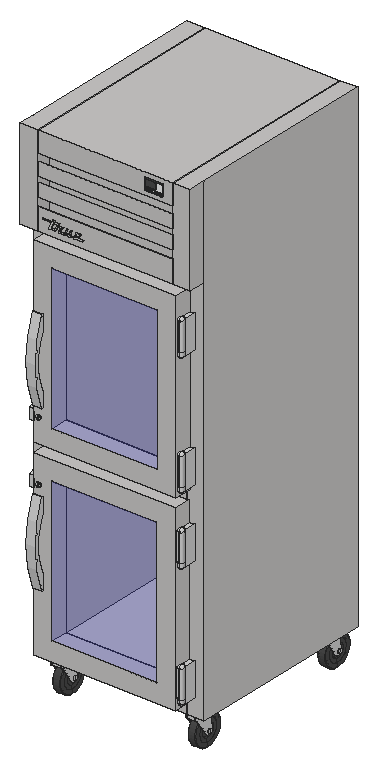
Revit family "QF_TRUE_STG1R-2HG-HC", category Specialty Equipment, Revit 2012
Parameters
  Weight in Pounds = 0
  Watts = Volts * FL Amps  # 437 W
  Volts = 115 V
  URL Cutsheet = "www.truemfg.com"
  URL = "www.truemfg.com"
  Type Mark [instance] = ""
  Type Comments = ""
  Status [instance] = ""
  Specification by User [instance] = ""
  Specification by Manufacturer = ""
  Show Seismic Flanged [instance] = no
  Show Logo [instance] = yes
  Show Legs [instance] = no
  Show Clearance [instance] = yes
  Serial Number = ""
  Seismic Rating = ""
  Seismic Plate [instance] = and(Show Seismic Flanged, not(Show Casters))  # no
  SMACNA No = ""
  Revision Code [instance] = ""
  Phase = 1
  Omniclass Number and Title = ""
  Number of Poles [instance] = 1
  NAFEM Spec ID Number = ""
  Model = "STG1R-2HG-HC"
  Min Ckt Ampacity = 0 A
  Max Overcurrent Protection = 0 A
  Masterspec = ""
  Manufacturer = "TRUE FOOD SERVICE EQUIPMENT, INC."
  Length = 27 1/2"
  Legs [instance] = or(Show Legs, Show Seismic Flanged)  # no
  Item Number [instance] = ""
  Installed By [instance] = ""
  Identify Quantity as Lot [instance] = yes
  Height = 77 3/4"
  HP = "1/4"
  Furnished By [instance] = ""
  Foodservice Equipment Identifier [instance] = yes
  FL Amps = 3.8 A
  Electrical Remarks [instance] = ""
  Electric Connection Type [instance] = ""
  Elec Conn RI Height [instance] = 0"
  Elec Conn Connection Height [instance] = 0"
  Description = "REACH-IN GLASS HALF SWING DOOR REFRIGERATOR WITH HYDROCARBON REFRIGERANT WITH LED LIGHTING"
  Depth = 33 3/4"
  Cycle = 60 Hz
  Conn Plug = "5-15P"
  Conn Conduit = yes
  Show Casters [instance] = and(not(if(Show Legs, Show Legs, Show Legs)), not(if(Show Legs, Show Legs, Show Seismic Flanged)))  # yes
  CSI MasterFormat = ""
  CSI Master Format = ""
  Apparent Power = if(Phase = 3, Volts * FL Amps * 1.73, Volts * FL Amps)  # 437 VA
Reference planes (in)
  plane 1 "BACK": y = 0
  plane 2: z = 0
  plane 3 "LEFT": x = 0
  plane 4 "RIGHT": x = 27.5
  plane 5 "FRONT": y = -33.75
  plane 6 "TOP": z = 84.125
  plane 7: z = 6.125
  plane 8: x = 2.84375
  plane 9: y = -33.7042
  plane 10: y = -35.21875
  plane 11: y = -56.78125
Forms (in)
  Extrusion 1, solid, material "QF_Finishes_Stainless Steel"
    sketch origin (0.05, 0, 0) x (1, 0, 0) y (0, 1, 0)
      loop
        line (-0.05, 0) -> (-0.05, -31) -> (2.87859, -31) -> (2.87859, 0) -> (-0.05, 0)
    from 6.125 to 84.125
  Extrusion 2, solid, material "QF_Finishes_Stainless Steel"
    sketch origin (50.15, 0, 0) x (1, 0, 0) y (0, 1, 0)
      loop
        line (-25.44375, 0) -> (-25.44375, -31) -> (-22.65, -31) -> (-22.65, 0) -> (-25.44375, 0)
    from 6.125 to 84.125
  Extrusion 3, solid, material "QF_Finishes_Stainless Steel"
    sketch origin (0, 0, 0) x (0, 1, 0) y (0, 0, 1)
      loop
        line (-33.7042, 69.5) -> (-31, 69.5) -> (-31, 67) -> (-30, 67) -> (-30, 69.5) -> (-2, 69.5) -> (-2, 9.03125) -> (-31, 9.03125) -> (-31, 6.125) -> (0, 6.125) -> (0, 84.125) -> (-33.7042, 84.125) -> (-33.7042, 80.78078) -> (-31.5, 79.21352) -> (-31.5, 78.09125) -> (-33.7042, 79.65851) -> (-33.7042, 77.5248) -> (-31.5, 75.95754) -> (-31.5, 74.99678) -> (-33.7042, 76.56404) -> (-33.7042, 74.46784) -> (-31.5, 72.90057) -> (-31.5, 71.625) -> (-33.7042, 73.19226) -> (-33.7042, 69.5)
      loop
        line (-31, 39.0625) -> (-31, 36.5625) -> (-30, 36.5625) -> (-30, 39.0625) -> (-31, 39.0625)
    from 2.92859 to 24.70625
  Extrusion 4, solid, material "QF_Finishes_Stainless Steel"
    sketch origin (0, 0, 0) x (1, 0, 0) y (0, 1, 0)
      loop
        line (27.45312, -31) -> (24.70625, -31) -> (24.70625, -33.75) -> (27.45312, -33.75) -> (27.45312, -31)
    from 69.5 to 84.125
  Extrusion 5, solid, material "QF_Finishes_Stainless Steel"
    sketch origin (-50.125, 0, 0.25) x (1, 0, 0) y (0, 1, 0)
      loop
        line (53.05359, -31) -> (50.17188, -31) -> (50.17188, -33.75) -> (53.05359, -33.75) -> (53.05359, -31)
    from 69.25 to 83.875
  Extrusion 6, solid, material "QF_Finishes_Stainless Steel"
    sketch origin (-24.96875, 0, -0.71875) x (1, 0, 0) y (0, 0, 1)
      loop
        line (27.15625, 8.75) -> (50.09375, 8.75) -> (50.09375, 37.96875) -> (27.15625, 37.96875) -> (27.15625, 8.75)
      loop
        line (27.15625, 68.6875) -> (27.15625, 39.46875) -> (50.1875, 39.46875) -> (50.1875, 68.6875) -> (27.15625, 68.6875)
      loop
        line (30.15625, 65.6875) -> (30.15625, 42.46875) -> (47.1875, 42.46875) -> (47.1875, 65.6875) -> (30.15625, 65.6875)
      loop
        line (47.09375, 11.75) -> (47.09375, 34.96875) -> (30.15625, 34.96875) -> (30.15625, 11.75) -> (47.09375, 11.75)
    from 31 to 33.75
  Extrusion 7, solid, material "QF_Finishes_Handrails and Railings"
    sketch origin (-8.68981, -0.25, 98.07708) x (0, 1, 0) y (0, 0, 1)
      loop
        line (-33.5, -53.875) -> (-33.5, -51.475)
        arc (-33.5, -51.475) -> (-34.53182, -47.075) -> (-33.5, -42.675) r 9.8974
        line (-33.5, -42.675) -> (-33.5, -40.275) -> (-33.7, -40.275)
        arc (-33.7, -40.275) -> (-34.96887, -47.075) -> (-33.7, -53.875) r 18.85538
        line (-33.7, -53.875) -> (-33.5, -53.875)
    from 10.87731 to 12.37731
  Extrusion 8, solid, material "QF_Finishes_Handrails and Railings"
    sketch origin (-23.375, 0, 2.625) x (1, 0, 0) y (0, 0, 1)
      loop
        circle (26.4375, 40.0625) r 0.35
      loop
        line (26.47265, 40.33635) -> (26.41715, 40.33635) -> (26.41715, 39.76895) -> (26.47265, 39.76895) -> (26.47265, 40.33635)
    from 33.5 to 33.83066
  Extrusion 9, solid, material "QF_Finishes_Handrails and Railings", visible <- "Show Logo"
    sketch origin (0.33478, 1.08173, -6.73143) x (1, 0, 0) y (0, 0, 1)
      loop
        line (3.46044, 78.46231) -> (3.35478, 78.23573) -> (4.76027, 78.23573)
        arc (4.76027, 78.23573) -> (4.78879, 78.18528) -> (4.76027, 78.13484) r 0.05887
        line (4.76027, 78.13484) -> (4.39369, 77.34872)
        arc (4.39369, 77.34872) -> (4.39051, 77.27591) -> (4.43975, 77.22217) r 0.09523
        line (4.43975, 77.22217) -> (5.33844, 77.22217)
        arc (5.33844, 77.22217) -> (5.45192, 77.25795) -> (5.52436, 77.35235) r 0.19785
        line (5.52436, 77.35235) -> (5.81285, 77.97101) -> (6.0779, 77.97101)
        arc (6.0779, 77.97101) -> (6.14744, 77.94543) -> (6.13737, 77.87203) r 0.05911
        line (6.13737, 77.87203) -> (5.89598, 77.35437)
        arc (5.89598, 77.35437) -> (5.89974, 77.2684) -> (5.97231, 77.22217) r 0.09318
        line (5.97231, 77.22217) -> (6.76198, 77.22217)
        arc (6.76198, 77.22217) -> (6.82249, 77.24419) -> (6.85468, 77.29995) r 0.09412
        arc (6.85468, 77.29995) -> (6.87746, 77.24495) -> (6.93246, 77.22217) r 0.07778
        line (6.93246, 77.22217) -> (7.43246, 77.22217)
        arc (7.43246, 77.22217) -> (7.49022, 77.23765) -> (7.53251, 77.27993) r 0.11552
        arc (7.53251, 77.27993) -> (7.55275, 77.23106) -> (7.60162, 77.21081) r 0.06912
        line (7.60162, 77.21081) -> (8.31225, 77.21081)
        arc (8.31225, 77.21081) -> (8.37034, 77.23488) -> (8.39441, 77.29297) r 0.08216
        arc (8.39441, 77.29297) -> (8.44767, 77.23972) -> (8.52042, 77.22022) r 0.14551
        line (8.52042, 77.22022) -> (9.85158, 77.22022) -> (9.99946, 77.47634) -> (8.65678, 77.47634)
        arc (8.65678, 77.47634) -> (8.61972, 77.50204) -> (8.61834, 77.54711) r 0.05009
        line (8.61834, 77.54711) -> (8.64157, 77.59692)
        arc (8.64157, 77.59692) -> (8.67723, 77.64364) -> (8.73327, 77.66135) r 0.09747
        line (8.73327, 77.66135) -> (9.16485, 77.66135)
        arc (9.16485, 77.66135) -> (9.258, 77.68631) -> (9.32619, 77.7545) r 0.1863
        line (9.32619, 77.7545) -> (9.45119, 77.97101)
        arc (9.45119, 77.97101) -> (9.45119, 78.08657) -> (9.35111, 78.14434) r 0.11556
        line (9.35111, 78.14434) -> (8.89562, 78.14434)
        arc (8.89562, 78.14434) -> (8.7795, 78.12462) -> (8.69849, 78.03912) r 0.18605
        line (8.69849, 78.03912) -> (8.48204, 77.57493)
        arc (8.48204, 77.57493) -> (8.41815, 77.49167) -> (8.31806, 77.46011) r 0.1745
        line (8.31806, 77.46011) -> (7.84559, 77.46011)
        arc (7.84559, 77.46011) -> (7.78903, 77.52184) -> (7.79268, 77.60548) r 0.10939
        line (7.79268, 77.60548) -> (8.04395, 78.14434) -> (7.88403, 78.14434) -> (7.61781, 77.57344)
        arc (7.61781, 77.57344) -> (7.56609, 77.50603) -> (7.48505, 77.48048) r 0.14128
        line (7.48505, 77.48048) -> (7.15925, 77.48048)
        arc (7.15925, 77.48048) -> (7.10419, 77.55223) -> (7.116, 77.64189) r 0.11816
        line (7.116, 77.64189) -> (7.3503, 78.14434) -> (7.18514, 78.14434) -> (6.91546, 77.566)
        arc (6.91546, 77.566) -> (6.85285, 77.50339) -> (6.76733, 77.48048) r 0.17104
        line (6.76733, 77.48048) -> (6.29555, 77.48048)
        arc (6.29555, 77.48048) -> (6.21082, 77.51999) -> (6.20267, 77.61313) r 0.0935
        line (6.20267, 77.61313) -> (6.35774, 77.94569) -> (6.57695, 77.94569)
        arc (6.57695, 77.94569) -> (6.61395, 78.05717) -> (6.69267, 78.14434) r 0.2857
        line (6.69267, 78.14434) -> (5.83605, 78.14434)
        arc (5.83605, 78.14434) -> (5.74086, 78.12324) -> (5.67498, 78.05135) r 0.16212
        line (5.67498, 78.05135) -> (5.44279, 77.55341)
        arc (5.44279, 77.55341) -> (5.3894, 77.50002) -> (5.31647, 77.48048) r 0.14586
        line (5.31647, 77.48048) -> (4.80506, 77.48048)
        arc (4.80506, 77.48048) -> (4.76514, 77.53442) -> (4.77274, 77.60109) r 0.09155
        line (4.77274, 77.60109) -> (5.11018, 78.23573) -> (5.96155, 78.23573) -> (6.06721, 78.46231) -> (5.21584, 78.46231) -> (5.32149, 78.68888) -> (5.01862, 78.68888) -> (4.91297, 78.46231) -> (3.46044, 78.46231)
      loop
        arc (8.83805, 77.93863) -> (8.80119, 77.92875) -> (8.7742, 77.90176) r 0.07373
        line (8.7742, 77.90176) -> (8.75229, 77.83436)
        arc (8.75229, 77.83436) -> (8.76245, 77.80983) -> (8.78699, 77.79966) r 0.0347
        line (8.78699, 77.79966) -> (9.15948, 77.79966)
        arc (9.15948, 77.79966) -> (9.18632, 77.80561) -> (9.20812, 77.82234) r 0.0635
        line (9.20812, 77.82234) -> (9.22624, 77.90622)
        arc (9.22624, 77.90622) -> (9.22091, 77.92868) -> (9.20009, 77.93863) r 0.02676
        line (9.20009, 77.93863) -> (8.83805, 77.93863)
    from 34.76797 to 34.83173
  Extrusion 10, solid, material "QF_Finishes_White"
    sketch origin (-23.16691, 1.06376, 1.58022) x (1, 0, 0) y (0, 0, 1)
      loop
        line (43.31732, 81.73227) -> (43.31732, 79.98496) -> (46.22357, 79.98496) -> (46.22357, 81.73227) -> (43.31732, 81.73227)
    from 34.75 to 34.76797
  Extrusion 11, solid, material "QF_Finishes_Black"
    sketch origin (-23.16691, 1.06376, 1.58022) x (1, 0, 0) y (0, 0, 1)
      loop
        line (46.28607, 81.79477) -> (43.25482, 81.79477) -> (43.25482, 79.92246) -> (46.28607, 79.92246) -> (46.28607, 81.79477)
      loop
        spline (43.45482, 80.25372) -> (43.46333, 80.23754) -> (43.48831, 80.22247) -> (43.52804, 80.20952) -> (43.57982, 80.19959) -> (43.64011, 80.19335) -> (43.70482, 80.19122) -> (43.76952, 80.19335) -> (43.82982, 80.19959) -> (43.88159, 80.20952) -> (43.92132, 80.22247) -> (43.9463, 80.23754) -> (43.95482, 80.25372)
        spline (43.95482, 80.25372) -> (43.9463, 80.26989) -> (43.92132, 80.28497) -> (43.88159, 80.29791) -> (43.82982, 80.30784) -> (43.76952, 80.31409) -> (43.70482, 80.31622) -> (43.64011, 80.31409) -> (43.57982, 80.30784) -> (43.52804, 80.29791) -> (43.48831, 80.28497) -> (43.46333, 80.26989) -> (43.45482, 80.25372)
      loop
        spline (44.15083, 80.25372) -> (44.15935, 80.23754) -> (44.18432, 80.22247) -> (44.22405, 80.20952) -> (44.27583, 80.19959) -> (44.33612, 80.19335) -> (44.40083, 80.19122) -> (44.46553, 80.19335) -> (44.52583, 80.19959) -> (44.57761, 80.20952) -> (44.61734, 80.22247) -> (44.64231, 80.23754) -> (44.65083, 80.25372)
        spline (44.65083, 80.25372) -> (44.64231, 80.26989) -> (44.61734, 80.28497) -> (44.57761, 80.29791) -> (44.52583, 80.30784) -> (44.46553, 80.31409) -> (44.40083, 80.31622) -> (44.33612, 80.31409) -> (44.27583, 80.30784) -> (44.22405, 80.29791) -> (44.18432, 80.28497) -> (44.15935, 80.26989) -> (44.15083, 80.25372)
      loop
        spline (44.90083, 80.25372) -> (44.90935, 80.23754) -> (44.93432, 80.22247) -> (44.97405, 80.20952) -> (45.02583, 80.19959) -> (45.08612, 80.19335) -> (45.15083, 80.19122) -> (45.21553, 80.19335) -> (45.27583, 80.19959) -> (45.32761, 80.20952) -> (45.36734, 80.22247) -> (45.39231, 80.23754) -> (45.40083, 80.25372)
        spline (45.40083, 80.25372) -> (45.39231, 80.26989) -> (45.36734, 80.28497) -> (45.32761, 80.29791) -> (45.27583, 80.30784) -> (45.21553, 80.31409) -> (45.15083, 80.31622) -> (45.08612, 80.31409) -> (45.02583, 80.30784) -> (44.97405, 80.29791) -> (44.93432, 80.28497) -> (44.90935, 80.26989) -> (44.90083, 80.25372)
      loop
        line (43.45481, 81.59478) -> (43.45481, 80.59478) -> (45.15433, 80.59478) -> (45.15433, 81.59478) -> (43.45481, 81.59478)
      loop
        line (46.22357, 81.73227) -> (43.31732, 81.73227) -> (43.31732, 79.98496) -> (46.22357, 79.98496) -> (46.22357, 81.73227)
      loop
        spline (45.65083, 80.25372) -> (45.65935, 80.23754) -> (45.68432, 80.22247) -> (45.72405, 80.20952) -> (45.77583, 80.19959) -> (45.83612, 80.19335) -> (45.90083, 80.19122) -> (45.96553, 80.19335) -> (46.02583, 80.19959) -> (46.07761, 80.20952) -> (46.11734, 80.22247) -> (46.14231, 80.23754) -> (46.15083, 80.25372)
        spline (46.15083, 80.25372) -> (46.14231, 80.26989) -> (46.11734, 80.28497) -> (46.07761, 80.29791) -> (46.02583, 80.30784) -> (45.96553, 80.31409) -> (45.90083, 80.31622) -> (45.83612, 80.31409) -> (45.77583, 80.30784) -> (45.72405, 80.29791) -> (45.68432, 80.28497) -> (45.65935, 80.26989) -> (45.65083, 80.25372)
    from 34.76797 to 34.80335
  Extrusion 12, solid
    sketch origin (-25.125, 0, 0) x (1, 0, 0) y (0, 0, 1)
      loop
        circle (49.375, 82) r 0.25
    from 0 to 0.0625
  Blend 13, solid, material "QF_Finishes_Handrails and Railings"
    base sketch origin (27.4375, 0, 4.5) x (-1, 0, 0) y (0, 0, -1)
      loop
        line (25.25, -38.99169) -> (26, -38.99169) -> (26, -37.24169) -> (25.25, -37.24169) -> (25.25, -38.99169)
    top sketch origin (27.4375, 0, 4.5) x (-1, 0, 0) y (0, 0, -1)
      loop
        line (26.18223, -36.6441) -> (25.25, -36.6441) -> (25.25, -39.42643) -> (26.18223, -39.42643) -> (26.18223, -36.6441)
    from 33.57883 to 31
  Extrusion 14, solid, material "QF_Finishes_Handrails and Railings"
    sketch origin (26.1875, 0, 0) x (0, 1, 0) y (0, 0, -1)
      loop
        line (-31, -64.55229) -> (-31, -59.23627) -> (-33.25, -59.23627) -> (-33.25, -59.94848) -> (-32.81497, -59.94848) -> (-32.81497, -64.34776)
        arc (-32.81497, -64.34776) -> (-32.75506, -64.49238) -> (-32.61044, -64.55229) r 0.20453
        line (-32.61044, -64.55229) -> (-31, -64.55229)
    from 0.17506 to 1
  Revolve 15, solid, material "QF_Finishes_Handrails and Railings"
    sketch origin (25.6875, 0, 0) x (0, 1, 0) y (0, 0, -1)
      loop
        line (-33.26563, -60.00189) -> (-33.67229, -60.00189) -> (-33.67229, -64.4736)
        arc (-33.67229, -64.4736) -> (-33.53722, -64.72557) -> (-33.26563, -64.81483) r 0.3848
        line (-33.26563, -64.81483) -> (-33.26563, -60.00189)
      loop
        line (-33.26563, -59.94848) -> (-33.26563, -59.04781)
        arc (-33.26563, -59.04781) -> (-33.53264, -59.13383) -> (-33.67229, -59.37712) r 0.38884
        line (-33.67229, -59.37712) -> (-33.67229, -59.94848) -> (-33.26563, -59.94848)
      axis (-33.26563, -59.04781) -> (-33.26563, -64.81483)
    angle from 0 to 360
  Extrusion 16, solid, material "QF_Finishes_Handrails and Railings"
    sketch origin (27.5, 0, 0) x (-1, 0, 0) y (0, 0, -1)
      loop
        line (1.91491, -64.4736) -> (2.3125, -64.4736) -> (2.3125, -60.00079) -> (1.91491, -60.00079) -> (1.91491, -64.4736)
    from 32.81497 to 33.59495
  Extrusion 17, solid, material "QF_Finishes_Handrails and Railings"
    sketch origin (26.1875, 0, -19.5) x (0, 1, 0) y (0, 0, -1)
      loop
        line (-31, -64.55229) -> (-31, -59.23627) -> (-33.25, -59.23627) -> (-33.25, -59.94848) -> (-32.81497, -59.94848) -> (-32.81497, -64.34776)
        arc (-32.81497, -64.34776) -> (-32.75506, -64.49238) -> (-32.61044, -64.55229) r 0.20453
        line (-32.61044, -64.55229) -> (-31, -64.55229)
    from 0.17506 to 1
  Revolve 18, solid, material "QF_Finishes_Handrails and Railings"
    sketch origin (25.6875, 0, -19.5) x (0, 1, 0) y (0, 0, -1)
      loop
        line (-33.26563, -60.00189) -> (-33.67229, -60.00189) -> (-33.67229, -64.4736)
        arc (-33.67229, -64.4736) -> (-33.53722, -64.72557) -> (-33.26563, -64.81483) r 0.3848
        line (-33.26563, -64.81483) -> (-33.26563, -60.00189)
      loop
        line (-33.26563, -59.94848) -> (-33.26563, -59.04781)
        arc (-33.26563, -59.04781) -> (-33.53264, -59.13383) -> (-33.67229, -59.37712) r 0.38884
        line (-33.67229, -59.37712) -> (-33.67229, -59.94848) -> (-33.26563, -59.94848)
      axis (-33.26563, -59.04781) -> (-33.26563, -64.81483)
    angle from 0 to 360
  Extrusion 19, solid, material "QF_Finishes_Handrails and Railings"
    sketch origin (27.5, 0, -19.5) x (-1, 0, 0) y (0, 0, -1)
      loop
        line (1.91491, -64.4736) -> (2.3125, -64.4736) -> (2.3125, -60.00079) -> (1.91491, -60.00079) -> (1.91491, -64.4736)
    from 32.81497 to 33.59495
  Extrusion 20, solid, material "QF_Finishes_Handrails and Railings"
    sketch origin (26.1875, 0, -30.5) x (0, 1, 0) y (0, 0, -1)
      loop
        line (-31, -64.55229) -> (-31, -59.23627) -> (-33.25, -59.23627) -> (-33.25, -59.94848) -> (-32.81497, -59.94848) -> (-32.81497, -64.34776)
        arc (-32.81497, -64.34776) -> (-32.75506, -64.49238) -> (-32.61044, -64.55229) r 0.20453
        line (-32.61044, -64.55229) -> (-31, -64.55229)
    from 0.17506 to 1
  Revolve 21, solid, material "QF_Finishes_Handrails and Railings"
    sketch origin (25.6875, 0, -30.5) x (0, 1, 0) y (0, 0, -1)
      loop
        line (-33.26563, -60.00189) -> (-33.67229, -60.00189) -> (-33.67229, -64.4736)
        arc (-33.67229, -64.4736) -> (-33.53722, -64.72557) -> (-33.26563, -64.81483) r 0.3848
        line (-33.26563, -64.81483) -> (-33.26563, -60.00189)
      loop
        line (-33.26563, -59.94848) -> (-33.26563, -59.04781)
        arc (-33.26563, -59.04781) -> (-33.53264, -59.13383) -> (-33.67229, -59.37712) r 0.38884
        line (-33.67229, -59.37712) -> (-33.67229, -59.94848) -> (-33.26563, -59.94848)
      axis (-33.26563, -59.04781) -> (-33.26563, -64.81483)
    angle from 0 to 360
  Extrusion 22, solid, material "QF_Finishes_Handrails and Railings"
    sketch origin (27.5, 0, -30.5) x (-1, 0, 0) y (0, 0, -1)
      loop
        line (1.91491, -64.4736) -> (2.3125, -64.4736) -> (2.3125, -60.00079) -> (1.91491, -60.00079) -> (1.91491, -64.4736)
    from 32.81497 to 33.59495
  Extrusion 23, solid, material "QF_Finishes_Handrails and Railings"
    sketch origin (26.1875, 0, -50.25) x (0, 1, 0) y (0, 0, -1)
      loop
        line (-31, -64.55229) -> (-31, -59.23627) -> (-33.25, -59.23627) -> (-33.25, -59.94848) -> (-32.81497, -59.94848) -> (-32.81497, -64.34776)
        arc (-32.81497, -64.34776) -> (-32.75506, -64.49238) -> (-32.61044, -64.55229) r 0.20453
        line (-32.61044, -64.55229) -> (-31, -64.55229)
    from 0.17506 to 1
  Revolve 24, solid, material "QF_Finishes_Handrails and Railings"
    sketch origin (25.6875, 0, -50.25) x (0, 1, 0) y (0, 0, -1)
      loop
        line (-33.26563, -60.00189) -> (-33.67229, -60.00189) -> (-33.67229, -64.4736)
        arc (-33.67229, -64.4736) -> (-33.53722, -64.72557) -> (-33.26563, -64.81483) r 0.3848
        line (-33.26563, -64.81483) -> (-33.26563, -60.00189)
      loop
        line (-33.26563, -59.94848) -> (-33.26563, -59.04781)
        arc (-33.26563, -59.04781) -> (-33.53264, -59.13383) -> (-33.67229, -59.37712) r 0.38884
        line (-33.67229, -59.37712) -> (-33.67229, -59.94848) -> (-33.26563, -59.94848)
      axis (-33.26563, -59.04781) -> (-33.26563, -64.81483)
    angle from 0 to 360
  Extrusion 25, solid, material "QF_Finishes_Handrails and Railings"
    sketch origin (27.5, 0, -50.25) x (-1, 0, 0) y (0, 0, -1)
      loop
        line (1.91491, -64.4736) -> (2.3125, -64.4736) -> (2.3125, -60.00079) -> (1.91491, -60.00079) -> (1.91491, -64.4736)
    from 32.81497 to 33.59495
  Revolve 26, solid, material "QF_Finishes_Black", visible <- "Show Casters"
    sketch origin (22.65625, -27.375, 0) x (1, 0, 0) y (0, 0, 1)
      loop
        line (1.475, 5) -> (1.375, 4.9) -> (1.375, 4.29941) -> (1.53601, 4.29941) -> (1.53601, 3.54941) -> (1.375, 3.54941) -> (1.375, 2.79941) -> (0.975, 2.79941) -> (0.975, 2.5) -> (3.025, 2.5) -> (3.025, 2.79941) -> (2.62908, 2.79941) -> (2.62908, 3.54941) -> (2.46399, 3.54941) -> (2.46399, 4.29941) -> (2.62908, 4.29941) -> (2.62908, 4.89592) -> (2.525, 5) -> (1.475, 5)
      axis (3.025, 2.5) -> (0.975, 2.5)
    angle from 0 to 360
  Extrusion 27, solid, material "QF_Finishes_Handrails and Railings", visible <- "Show Casters"
    sketch origin (22.5625, 0, 0) x (0, 1, 0) y (0, 0, 1)
      loop
        line (-29.95136, 5.48574) -> (-29.95136, 4.88089) -> (-29.70136, 4.88089) -> (-27.95216, 2.18736)
        arc (-27.95216, 2.18736) -> (-27.23883, 1.94868) -> (-26.84581, 2.59003) r 0.60416
        line (-26.84581, 2.59003) -> (-27.20136, 5.48574) -> (-29.95136, 5.48574)
      loop
        line (-3.8577, 5.48574) -> (-3.8577, 4.88089) -> (-3.6077, 4.88089) -> (-1.8585, 2.18736)
        arc (-1.8585, 2.18736) -> (-1.14517, 1.94868) -> (-0.75215, 2.59003) r 0.60416
        line (-0.75215, 2.59003) -> (-1.1077, 5.48574) -> (-3.8577, 5.48574)
    from 1.175 to 1.325
  Extrusion 28, solid, material "QF_Finishes_Handrails and Railings", visible <- "Show Casters"
    sketch origin (24.0625, 0, 0) x (0, 1, 0) y (0, 0, 1)
      loop
        line (-29.95136, 5.48574) -> (-29.95136, 4.88089) -> (-29.70136, 4.88089) -> (-27.95216, 2.18736)
        arc (-27.95216, 2.18736) -> (-27.23883, 1.94868) -> (-26.84581, 2.59003) r 0.60416
        line (-26.84581, 2.59003) -> (-27.20136, 5.48574) -> (-29.95136, 5.48574)
      loop
        line (-3.8577, 5.48574) -> (-3.8577, 4.88089) -> (-3.6077, 4.88089) -> (-1.8585, 2.18736)
        arc (-1.8585, 2.18736) -> (-1.14517, 1.94868) -> (-0.75215, 2.59003) r 0.60416
        line (-0.75215, 2.59003) -> (-1.1077, 5.48574) -> (-3.8577, 5.48574)
    from 1.175 to 1.325
  Revolve 29, solid, material "QF_Finishes_Chrome - Satin", visible <- "Show Casters"
    sketch origin (22.65625, -28.5625, -0.5) x (1, 0, 0) y (0, 0, 1)
      loop
        line (2, 5.99546) -> (2, 6.62359) -> (0.70293, 6.62359) -> (0.70293, 5.99546) -> (2, 5.99546)
      axis (2, 5.99546) -> (2, 6.62359)
    angle from 0 to 360
  Revolve 30, solid, material "QF_Finishes_Chrome - Satin", visible <- "Legs"
    sketch origin (22.65625, -2.69102, 0) x (1, 0, 0) y (0, 0, 1)
      loop
        line (2, 6.125) -> (0.66662, 6.125) -> (1.25, 1) -> (1.5, 1) -> (1.5, 0) -> (2, 0) -> (2, 6.125)
      axis (2, 0) -> (2, 6.125)
    angle from 0 to 360
  Revolve 31, solid, material "QF_Finishes_Chrome - Satin", visible <- "Legs"
    sketch origin (22.65625, -28.65977, 0) x (1, 0, 0) y (0, 0, 1)
      loop
        line (2, 6.125) -> (0.66662, 6.125) -> (1.25, 1) -> (1.5, 1) -> (1.5, 0) -> (2, 0) -> (2, 6.125)
      axis (2, 0) -> (2, 6.125)
    angle from 0 to 360
  Revolve 32, solid, material "QF_Finishes_Chrome - Satin", visible <- "Show Casters"
    sketch origin (22.65625, -2.70321, -0.5) x (1, 0, 0) y (0, 0, 1)
      loop
        line (2, 5.99546) -> (2, 6.62359) -> (0.70293, 6.62359) -> (0.70293, 5.99546) -> (2, 5.99546)
      axis (2, 5.99546) -> (2, 6.62359)
    angle from 0 to 360
  Extrusion 33, solid, material "QF_Finishes_Handrails and Railings", visible <- "Show Casters"
    sketch origin (-25.21875, 0, 0) x (0, 1, 0) y (0, 0, 1)
      loop
        line (-29.95136, 5.48574) -> (-29.95136, 4.88089) -> (-29.70136, 4.88089) -> (-27.16533, 5.19227) -> (-27.20136, 5.48574) -> (-29.95136, 5.48574)
      loop
        line (-3.8577, 5.48574) -> (-3.8577, 4.88089) -> (-3.6077, 4.88089) -> (-1.07167, 5.19227) -> (-1.1077, 5.48574) -> (-3.8577, 5.48574)
    from 49.10625 to 50.45625
  Revolve 34, solid, material "QF_Finishes_Black", visible <- "Show Casters"
    sketch origin (22.65625, -1.21875, 0) x (1, 0, 0) y (0, 0, 1)
      loop
        line (1.475, 5) -> (1.375, 4.9) -> (1.375, 4.29941) -> (1.53601, 4.29941) -> (1.53601, 3.54941) -> (1.375, 3.54941) -> (1.375, 2.79941) -> (0.975, 2.79941) -> (0.975, 2.5) -> (3.025, 2.5) -> (3.025, 2.79941) -> (2.62908, 2.79941) -> (2.62908, 3.54941) -> (2.46399, 3.54941) -> (2.46399, 4.29941) -> (2.62908, 4.29941) -> (2.62908, 4.89592) -> (2.525, 5) -> (1.475, 5)
      axis (3.025, 2.5) -> (0.975, 2.5)
    angle from 0 to 360
  Revolve 35, solid, material "QF_Finishes_Black", visible <- "Show Casters"
    sketch origin (0.84375, -27.375, 0) x (1, 0, 0) y (0, 0, 1)
      loop
        line (1.475, 5) -> (1.375, 4.9) -> (1.375, 4.29941) -> (1.53601, 4.29941) -> (1.53601, 3.54941) -> (1.375, 3.54941) -> (1.375, 2.79941) -> (0.975, 2.79941) -> (0.975, 2.5) -> (3.025, 2.5) -> (3.025, 2.79941) -> (2.62908, 2.79941) -> (2.62908, 3.54941) -> (2.46399, 3.54941) -> (2.46399, 4.29941) -> (2.62908, 4.29941) -> (2.62908, 4.89592) -> (2.525, 5) -> (1.475, 5)
      axis (3.025, 2.5) -> (0.975, 2.5)
    angle from 0 to 360
  Extrusion 36, solid, material "QF_Finishes_Handrails and Railings", visible <- "Show Casters"
    sketch origin (0.84375, 0, 0) x (0, 1, 0) y (0, 0, 1)
      loop
        line (-29.95136, 5.48574) -> (-29.95136, 4.88089) -> (-29.70136, 4.88089) -> (-27.95216, 2.18736)
        arc (-27.95216, 2.18736) -> (-27.23883, 1.94868) -> (-26.84581, 2.59003) r 0.60416
        line (-26.84581, 2.59003) -> (-27.20136, 5.48574) -> (-29.95136, 5.48574)
      loop
        line (-3.8577, 5.48574) -> (-3.8577, 4.88089) -> (-3.6077, 4.88089) -> (-1.8585, 2.18736)
        arc (-1.8585, 2.18736) -> (-1.14517, 1.94868) -> (-0.75215, 2.59003) r 0.60416
        line (-0.75215, 2.59003) -> (-1.1077, 5.48574) -> (-3.8577, 5.48574)
    from 1.175 to 1.325
  Extrusion 37, solid, material "QF_Finishes_Handrails and Railings", visible <- "Show Casters"
    sketch origin (2.34375, 0, 0) x (0, 1, 0) y (0, 0, 1)
      loop
        line (-29.95136, 5.48574) -> (-29.95136, 4.88089) -> (-29.70136, 4.88089) -> (-27.95216, 2.18736)
        arc (-27.95216, 2.18736) -> (-27.23883, 1.94868) -> (-26.84581, 2.59003) r 0.60416
        line (-26.84581, 2.59003) -> (-27.20136, 5.48574) -> (-29.95136, 5.48574)
      loop
        line (-3.8577, 5.48574) -> (-3.8577, 4.88089) -> (-3.6077, 4.88089) -> (-1.8585, 2.18736)
        arc (-1.8585, 2.18736) -> (-1.14517, 1.94868) -> (-0.75215, 2.59003) r 0.60416
        line (-0.75215, 2.59003) -> (-1.1077, 5.48574) -> (-3.8577, 5.48574)
    from 1.175 to 1.325
  Revolve 38, solid, material "QF_Finishes_Chrome - Satin", visible <- "Show Casters"
    sketch origin (0.84375, -28.5625, -0.5) x (1, 0, 0) y (0, 0, 1)
      loop
        line (2, 5.99546) -> (2, 6.62359) -> (0.70293, 6.62359) -> (0.70293, 5.99546) -> (2, 5.99546)
      axis (2, 5.99546) -> (2, 6.62359)
    angle from 0 to 360
  Revolve 39, solid, material "QF_Finishes_Chrome - Satin", visible <- "Legs"
    sketch origin (0.84375, -2.69102, 0) x (1, 0, 0) y (0, 0, 1)
      loop
        line (2, 6.125) -> (0.66662, 6.125) -> (1.25, 1) -> (1.5, 1) -> (1.5, 0) -> (2, 0) -> (2, 6.125)
      axis (2, 0) -> (2, 6.125)
    angle from 0 to 360
  Revolve 40, solid, material "QF_Finishes_Chrome - Satin", visible <- "Legs"
    sketch origin (0.84375, -28.65977, 0) x (1, 0, 0) y (0, 0, 1)
      loop
        line (2, 6.125) -> (0.66662, 6.125) -> (1.25, 1) -> (1.5, 1) -> (1.5, 0) -> (2, 0) -> (2, 6.125)
      axis (2, 0) -> (2, 6.125)
    angle from 0 to 360
  Revolve 41, solid, material "QF_Finishes_Chrome - Satin", visible <- "Show Casters"
    sketch origin (0.84375, -2.70321, -0.5) x (1, 0, 0) y (0, 0, 1)
      loop
        line (2, 5.99546) -> (2, 6.62359) -> (0.70293, 6.62359) -> (0.70293, 5.99546) -> (2, 5.99546)
      axis (2, 5.99546) -> (2, 6.62359)
    angle from 0 to 360
  Extrusion 42, solid, material "QF_Finishes_Handrails and Railings", visible <- "Show Casters"
    sketch origin (-46.9375, 0, 0) x (0, 1, 0) y (0, 0, 1)
      loop
        line (-29.95136, 5.48574) -> (-29.95136, 4.88089) -> (-29.70136, 4.88089) -> (-27.16533, 5.19227) -> (-27.20136, 5.48574) -> (-29.95136, 5.48574)
      loop
        line (-3.8577, 5.48574) -> (-3.8577, 4.88089) -> (-3.6077, 4.88089) -> (-1.07167, 5.19227) -> (-1.1077, 5.48574) -> (-3.8577, 5.48574)
    from 49.10625 to 50.45625
  Revolve 43, solid, material "QF_Finishes_Black", visible <- "Show Casters"
    sketch origin (0.84375, -1.21875, 0) x (1, 0, 0) y (0, 0, 1)
      loop
        line (1.475, 5) -> (1.375, 4.9) -> (1.375, 4.29941) -> (1.53601, 4.29941) -> (1.53601, 3.54941) -> (1.375, 3.54941) -> (1.375, 2.79941) -> (0.975, 2.79941) -> (0.975, 2.5) -> (3.025, 2.5) -> (3.025, 2.79941) -> (2.62908, 2.79941) -> (2.62908, 3.54941) -> (2.46399, 3.54941) -> (2.46399, 4.29941) -> (2.62908, 4.29941) -> (2.62908, 4.89592) -> (2.525, 5) -> (1.475, 5)
      axis (3.025, 2.5) -> (0.975, 2.5)
    angle from 0 to 360
  Extrusion 44, solid, material "QF_Door-Drawer Clearances", visible <- "Show Clearance", detail levels coarse
    sketch origin (26.33466, -3.6098, 0) x (1, 0, 0) y (0, 1, 0)
      loop
        line (-1.17841, -30.1402) -> (-24.14716, -30.1402)
        arc (-24.14716, -30.1402) -> (-17.41945, -46.39958) -> (-1.17841, -53.17145) r 23.0454
        line (-1.17841, -53.17145) -> (-1.17841, -30.1402)
    from 38.75 to 67.96875
  Extrusion 45, solid, material "Glass"
    sketch origin (-24.96875, 0, -0.71875) x (1, 0, 0) y (0, 0, 1)
      loop
        line (30.15625, 34.96875) -> (30.15625, 11.75) -> (47.09375, 11.75) -> (47.09375, 34.96875) -> (30.15625, 34.96875)
      loop
        line (30.15625, 65.6875) -> (30.15625, 42.46875) -> (47.1875, 42.46875) -> (47.1875, 65.6875) -> (30.15625, 65.6875)
    from 31 to 33.75
  Extrusion 46, solid, material "QF_Finishes_Chrome - Satin", visible <- "Seismic Plate"
    sketch origin (-0.22541, -26.96562, 0) x (1, 0, 0) y (0, 1, 0)
      loop
        circle (3.06916, -1.69416) r 1.5
    from 0 to 0.25
  Extrusion 47, solid, material "QF_Finishes_Chrome - Satin", visible <- "Seismic Plate"
    sketch origin (-0.22541, -0.99687, 0) x (1, 0, 0) y (0, 1, 0)
      loop
        circle (3.06916, -1.69416) r 1.5
    from 0 to 0.25
  Extrusion 48, solid, material "QF_Finishes_Chrome - Satin", visible <- "Seismic Plate"
    sketch origin (21.49334, -0.99687, 0) x (1, 0, 0) y (0, 1, 0)
      loop
        circle (3.16291, -1.69416) r 1.5
    from 0 to 0.25
  Extrusion 49, solid, material "QF_Finishes_Chrome - Satin", visible <- "Seismic Plate"
    sketch origin (21.49334, -26.96562, 0) x (1, 0, 0) y (0, 1, 0)
      loop
        circle (3.16291, -1.69416) r 1.5
    from 0 to 0.25
  Extrusion 50, solid, material "QF_Door-Drawer Clearances", visible <- "Show Clearance", detail levels coarse
    sketch origin (26.33466, -3.6098, -30.71875) x (1, 0, 0) y (0, 1, 0)
      loop
        line (-1.17841, -30.1402) -> (-24.14716, -30.1402)
        arc (-24.14716, -30.1402) -> (-17.41977, -46.38156) -> (-1.17841, -53.10895) r 22.96875
        line (-1.17841, -53.10895) -> (-1.17841, -30.1402)
    from 38.75 to 67.96875
  Extrusion 51, solid, material "QF_Finishes_Handrails and Railings"
    sketch origin (-8.68981, -0.25, -22.45208) x (0, 1, 0) y (0, 0, 1)
      loop
        line (-33.5, 53.875) -> (-33.7, 53.875)
        arc (-33.7, 53.875) -> (-34.96887, 47.075) -> (-33.7, 40.275) r 18.85538
        line (-33.7, 40.275) -> (-33.5, 40.275) -> (-33.5, 42.675)
        arc (-33.5, 42.675) -> (-34.53182, 47.075) -> (-33.5, 51.475) r 9.8974
        line (-33.5, 51.475) -> (-33.5, 53.875)
    from 10.87731 to 12.37731
  Extrusion 52, solid, material "QF_Finishes_Handrails and Railings"
    sketch origin (-23.375, 0, 73) x (1, 0, 0) y (0, 0, 1)
      loop
        circle (26.4375, -40.0625) r 0.35
      loop
        line (26.47265, -40.33635) -> (26.47265, -39.76895) -> (26.41715, -39.76895) -> (26.41715, -40.33635) -> (26.47265, -40.33635)
    from 33.5 to 33.83066
  Blend 53, solid, material "QF_Finishes_Handrails and Railings"
    base sketch origin (27.4375, 0, 71.125) x (-1, 0, 0) y (0, 0, -1)
      loop
        line (25.25, 38.99169) -> (25.25, 37.24169) -> (26, 37.24169) -> (26, 38.99169) -> (25.25, 38.99169)
    top sketch origin (27.4375, 0, 71.125) x (-1, 0, 0) y (0, 0, -1)
      loop
        line (26.18223, 36.6441) -> (26.18223, 39.42643) -> (25.25, 39.42643) -> (25.25, 36.6441) -> (26.18223, 36.6441)
    from 33.57883 to 31
Cuts and joins
  joined: Extrusion 1, Extrusion 2, Extrusion 4, Extrusion 5
Lines and regions (in)
  symbolic lines
    curve 1: line (0, 0, 0) -> (27.5, 0, 0)
    curve 2: line (0, -33.75, 0) -> (0, 0, 0)
    curve 3: line (27.5, -33.75, 0) -> (0, -33.75, 0)
    curve 4: line (27.5, 0, 0) -> (27.5, -33.75, 0)
    curve 5: line (27.5, -31.5, 0) -> (0, -31.5, 0)
    curve 24: line (3.6875, -35.21875, 0) -> (3.6875, -33.75, 0)
    curve 25: line (2.1875, -35.21875, 0) -> (2.1875, -33.75, 0)
    curve 26: line (2.1875, -33.95, 0) -> (3.6875, -33.95, 0)
    curve 27: line (3.6875, -35.21875, 0) -> (2.1875, -35.21875, 0)
  symbolic lines, style "SpecialityEquipmentHiddenLines", visible <- "Show Casters"
    curve 6: line (3.82597, -24.4208, 0) -> (5.12501, -25.1708, 0)
    curve 7: line (1.20097, -28.96743, 0) -> (3.82597, -24.4208, 0)
    curve 8: line (2.50001, -29.71743, 0) -> (1.20097, -28.96743, 0)
    curve 9: line (5.12501, -25.1708, 0) -> (2.50001, -29.71743, 0)
    curve 10: line (3.82597, -0.4208, 0) -> (5.12501, -1.1708, 0)
    curve 11: line (1.20097, -4.96743, 0) -> (3.82597, -0.4208, 0)
    curve 12: line (2.50001, -5.71743, 0) -> (1.20097, -4.96743, 0)
    curve 13: line (5.12501, -1.1708, 0) -> (2.50001, -5.71743, 0)
    curve 14: line (24.73343, -0.4208, 0) -> (26.03247, -1.1708, 0)
    curve 15: line (22.10843, -4.96743, 0) -> (24.73343, -0.4208, 0)
    curve 16: line (23.40747, -5.71743, 0) -> (22.10843, -4.96743, 0)
    curve 17: line (26.03247, -1.1708, 0) -> (23.40747, -5.71743, 0)
    curve 18: line (24.82718, -24.52487, 0) -> (26.12622, -25.27487, 0)
    curve 19: line (22.20218, -29.07151, 0) -> (24.82718, -24.52487, 0)
    curve 20: line (23.50122, -29.82151, 0) -> (22.20218, -29.07151, 0)
    curve 21: line (26.12622, -25.27487, 0) -> (23.50122, -29.82151, 0)
  symbolic lines, style "QF_Door-Drawer Clearances"
    curve 22: line (25.15625, -33.75, 0) -> (5.26473, -45.23438, 0)
    curve 23: arc (5.26473, -45.23438, 0) -> (2.97014, -39.69475, 0) -> (2.1875, -33.75, 0) r 22.96875
Dimensions and locks (in)
  "Depth": plane 5 "FRONT" to plane 1 "BACK"
  plane 7 to level = 6 1/8"
  plane 6 "TOP" to level = 84 1/8"
  plane 6 "TOP" to plane 7 = 78"
  plane 6 "TOP" to cut or joined group of Extrusion 1, Extrusion 2, Extrusion 4, Extrusion 5 = 14 5/8"
  Extrusion 6 sketch curve to Extrusion 6 sketch curve = 22 15/16"
  Extrusion 6 to plane 1 "BACK" = 33 3/4"
  "Length": plane 3 "LEFT" to plane 4 "RIGHT"
  plane 4 "RIGHT" to plane 3 "LEFT" = 27 1/2"
  cut or joined group of Extrusion 1, Extrusion 2, Extrusion 4, Extrusion 5 to cut or joined group of Extrusion 1, Extrusion 2, Extrusion 4, Extrusion 5 = 27 13/32"
  locked: Extrusion 6 sketch curve to Extrusion 6 sketch curve at 3  (x2)
  Extrusion 6 to Extrusion 6 = 22 15/16"
  plane 1 "BACK" to plane 10 = 35 7/32"
  plane 11 to plane 5 "FRONT" = 23 1/32"
  aligned and locked: level to plane 2
Automatic sketch dimensions
  Extrusion 1 sketch curve to plane 3 "LEFT" = 0"
  plane 1 "BACK" to Extrusion 1 sketch curve = 0"
  plane 8 to Extrusion 1 sketch curve = 0.08484"
  Extrusion 1 sketch curve to plane 5 "FRONT" = 2 3/4"
  plane 1 "BACK" to Extrusion 2 sketch curve = 0"
  Extrusion 2 sketch curve to plane 4 "RIGHT" = 0"
  Extrusion 2 sketch curve to plane 4 "RIGHT" = 2.79375"
  Extrusion 2 sketch curve to plane 5 "FRONT" = 2 3/4"
  plane 5 "FRONT" to Extrusion 4 sketch curve = 0"
  Extrusion 4 sketch curve to plane 4 "RIGHT" = 2.79375"
  Extrusion 4 sketch curve to plane 4 "RIGHT" = 3/64"
  Extrusion 4 sketch curve to plane 5 "FRONT" = 2 3/4"
  plane 5 "FRONT" to Extrusion 5 sketch curve = 0"
  plane 3 "LEFT" to Extrusion 5 sketch curve = 3/64"
  plane 8 to Extrusion 5 sketch curve = 0.08484"
  Extrusion 5 sketch curve to plane 5 "FRONT" = 2 3/4"
  Extrusion 6 sketch curve to plane 8 = 21/32"  (x2)
  Extrusion 6 sketch curve to Extrusion 6 sketch curve = 3"  (x5)
  Extrusion 6 sketch curve to plane 4 "RIGHT" = 5 9/32"
  Extrusion 6 sketch curve to plane 4 "RIGHT" = 2 9/32"
  plane 7 to Extrusion 6 sketch curve = 1 29/32"
  Extrusion 6 sketch curve to Extrusion 6 sketch curve = 23 7/32"
  Extrusion 6 sketch curve to Extrusion 6 sketch curve = 1 1/2"
  Extrusion 6 sketch curve to plane 6 "TOP" = 19 5/32"
  plane 8 to Extrusion 8 sketch curve = 0.1984"
  plane 8 to Extrusion 8 sketch curve = 7/32"
  Extrusion 8 sketch curve to Extrusion 8 sketch curve = 0.0555"
  plane 7 to Extrusion 8 sketch curve = 36.26895"
  Extrusion 8 sketch curve to Extrusion 8 sketch curve = 0.29355"
  Extrusion 8 sketch curve to Extrusion 8 sketch curve = 0.27385"
  plane 8 to Extrusion 9 sketch curve = 0.84582"
  Extrusion 9 sketch curve to Extrusion 9 sketch curve = 0.10565"  (x5)
  Extrusion 9 sketch curve to Extrusion 9 sketch curve = 1.03891"
  Extrusion 9 sketch curve to Extrusion 9 sketch curve = 0.04606"
  Extrusion 9 sketch curve to Extrusion 9 sketch curve = 0.04025"
  Extrusion 9 sketch curve to Extrusion 9 sketch curve = 0.33624"
  Extrusion 9 sketch curve to Extrusion 9 sketch curve = 0.03034"  (x2)
  Extrusion 9 sketch curve to Extrusion 9 sketch curve = 0.29274"
  Extrusion 9 sketch curve to Extrusion 9 sketch curve = 0.03232"
  Extrusion 9 sketch curve to Extrusion 9 sketch curve = 0.08083"
  Extrusion 9 sketch curve to Extrusion 9 sketch curve = 0.1527"
  Extrusion 9 sketch curve to Extrusion 9 sketch curve = 0.19721"
  Extrusion 9 sketch curve to Extrusion 9 sketch curve = 0.4629"
  Extrusion 9 sketch curve to Extrusion 9 sketch curve = 0.02197"
  Extrusion 9 sketch curve to Extrusion 9 sketch curve = 0.12632"
  Extrusion 9 sketch curve to Extrusion 9 sketch curve = 0.18591"
  Extrusion 9 sketch curve to Extrusion 9 sketch curve = 0.2322"
  Extrusion 9 sketch curve to Extrusion 9 sketch curve = 0.13786"
  Extrusion 9 sketch curve to Extrusion 9 sketch curve = 0.00907"
  Extrusion 9 sketch curve to Extrusion 9 sketch curve = 0.01413"
  Extrusion 9 sketch curve to Extrusion 9 sketch curve = 0.37162"
  Extrusion 9 sketch curve to Extrusion 9 sketch curve = 0.12551"
  Extrusion 9 sketch curve to Extrusion 9 sketch curve = 0.07633"
  Extrusion 9 sketch curve to Extrusion 9 sketch curve = 0.08445"
  Extrusion 9 sketch curve to Extrusion 9 sketch curve = 0.25598"
  Extrusion 9 sketch curve to Extrusion 9 sketch curve = 0.01887"
  Extrusion 9 sketch curve to Extrusion 9 sketch curve = 0.04061"
  Extrusion 9 sketch curve to Extrusion 9 sketch curve = 0.0653"
  Extrusion 9 sketch curve to Extrusion 9 sketch curve = 0.08474"
  Extrusion 9 sketch curve to Extrusion 9 sketch curve = 0.00815"
  Extrusion 9 sketch curve to Extrusion 9 sketch curve = 0.22037"
  Extrusion 9 sketch curve to Extrusion 9 sketch curve = 0.21921"
  Extrusion 9 sketch curve to Extrusion 9 sketch curve = 0.11572"
  Extrusion 9 sketch curve to Extrusion 9 sketch curve = 0.46643"
  Extrusion 9 sketch curve to Extrusion 9 sketch curve = 0.00535"
  Extrusion 9 sketch curve to Extrusion 9 sketch curve = 0.09269"
  Extrusion 9 sketch curve to Extrusion 9 sketch curve = 0.09348"
  Extrusion 9 sketch curve to Extrusion 9 sketch curve = 0.14812"
  Extrusion 9 sketch curve to Extrusion 9 sketch curve = 0.07778"  (x3)
  Extrusion 9 sketch curve to Extrusion 9 sketch curve = 0.20054"
  Extrusion 9 sketch curve to Extrusion 9 sketch curve = 0.04325"
  Extrusion 9 sketch curve to Extrusion 9 sketch curve = 0.32433"
  Extrusion 9 sketch curve to Extrusion 9 sketch curve = 0.10233"  (x2)
  Extrusion 9 sketch curve to Extrusion 9 sketch curve = 0.16515"
  Extrusion 9 sketch curve to Extrusion 9 sketch curve = 0.27321"
  Extrusion 9 sketch curve to Extrusion 9 sketch curve = 0.0526"
  Extrusion 9 sketch curve to Extrusion 9 sketch curve = 0.10005"
  Extrusion 9 sketch curve to Extrusion 9 sketch curve = 0.06912"
  Extrusion 9 sketch curve to Extrusion 9 sketch curve = 0.13276"
  Extrusion 9 sketch curve to Extrusion 9 sketch curve = 0.17486"
  Extrusion 9 sketch curve to Extrusion 9 sketch curve = 0.05291"
  Extrusion 9 sketch curve to Extrusion 9 sketch curve = 0.53374"
  Extrusion 9 sketch curve to Extrusion 9 sketch curve = 0.09914"  (x2)
  Extrusion 9 sketch curve to Extrusion 9 sketch curve = 0.15992"
  Extrusion 9 sketch curve to Extrusion 9 sketch curve = 0.46666"
  Extrusion 9 sketch curve to Extrusion 9 sketch curve = 0.00582"
  Extrusion 9 sketch curve to Extrusion 9 sketch curve = 0.08216"
  Extrusion 9 sketch curve to Extrusion 9 sketch curve = 0.16397"
  Extrusion 9 sketch curve to Extrusion 9 sketch curve = 0.12601"
  Extrusion 9 sketch curve to Extrusion 9 sketch curve = 0.1363"
  Extrusion 9 sketch curve to Extrusion 9 sketch curve = 0.02323"
  Extrusion 9 sketch curve to Extrusion 9 sketch curve = 0.03844"
  Extrusion 9 sketch curve to Extrusion 9 sketch curve = 0.0454"
  Extrusion 9 sketch curve to Extrusion 9 sketch curve = 0.05693"
  Extrusion 9 sketch curve to Extrusion 9 sketch curve = 0.0917"
  Extrusion 9 sketch curve to Extrusion 9 sketch curve = 0.01902"
  Extrusion 9 sketch curve to Extrusion 9 sketch curve = 0.02191"
  Extrusion 9 sketch curve to Extrusion 9 sketch curve = 0.0347"
  Extrusion 9 sketch curve to Extrusion 9 sketch curve = 0.06385"
  Extrusion 9 sketch curve to Extrusion 9 sketch curve = 0.02906"
  Extrusion 9 sketch curve to Extrusion 9 sketch curve = 0.02851"
  Extrusion 9 sketch curve to Extrusion 9 sketch curve = 0.29237"
  Extrusion 9 sketch curve to Extrusion 9 sketch curve = 0.00537"
  Extrusion 9 sketch curve to Extrusion 9 sketch curve = 0.0406"
  Extrusion 9 sketch curve to Extrusion 9 sketch curve = 0.04327"
  Extrusion 9 sketch curve to Extrusion 9 sketch curve = 0.02615"
  Extrusion 9 sketch curve to Extrusion 9 sketch curve = 0.11806"
  Extrusion 9 sketch curve to Extrusion 9 sketch curve = 0.15103"
  Extrusion 9 sketch curve to Extrusion 9 sketch curve = 0.10007"
  Extrusion 9 sketch curve to Extrusion 9 sketch curve = 0.5254"
  Extrusion 9 sketch curve to Extrusion 9 sketch curve = 0.14787"
  Extrusion 9 sketch curve to plane 6 "TOP" = 13.64562"
  Extrusion 9 sketch curve to Extrusion 9 sketch curve = 0.07275"
  Extrusion 9 sketch curve to Extrusion 9 sketch curve = 0.05776"
  Extrusion 9 sketch curve to Extrusion 9 sketch curve = 0.08631"
  Extrusion 9 sketch curve to Extrusion 9 sketch curve = 0.09282"
  Extrusion 9 sketch curve to Extrusion 9 sketch curve = 0.13018"
  Extrusion 9 sketch curve to Extrusion 9 sketch curve = 0.16714"
  Extrusion 9 sketch curve to Extrusion 9 sketch curve = 0.11061"
  Extrusion 9 sketch curve to Extrusion 9 sketch curve = 0.06046"
  Extrusion 9 sketch curve to Extrusion 9 sketch curve = 0.16548"
  Extrusion 9 sketch curve to Extrusion 9 sketch curve = 0.14279"
  Extrusion 9 sketch curve to Extrusion 9 sketch curve = 0.0496"
  Extrusion 9 sketch curve to Extrusion 9 sketch curve = 0.07293"
  Extrusion 9 sketch curve to Extrusion 9 sketch curve = 0.07764"
  Extrusion 9 sketch curve to Extrusion 9 sketch curve = 0.03794"
  Extrusion 9 sketch curve to Extrusion 9 sketch curve = 0.08552"
  Extrusion 9 sketch curve to Extrusion 9 sketch curve = 0.09296"
  Extrusion 9 sketch curve to Extrusion 9 sketch curve = 0.09314"
  Extrusion 9 sketch curve to Extrusion 9 sketch curve = 0.02781"
  Extrusion 9 sketch curve to Extrusion 9 sketch curve = 0.04981"
  Extrusion 9 sketch curve to Extrusion 9 sketch curve = 0.09315"
  Extrusion 9 sketch curve to Extrusion 9 sketch curve = 0.04799"
  Extrusion 9 sketch curve to Extrusion 9 sketch curve = 0.02531"
  Extrusion 9 sketch curve to Extrusion 9 sketch curve = 0.03054"
  Extrusion 9 sketch curve to Extrusion 9 sketch curve = 0.2589"
  Extrusion 9 sketch curve to Extrusion 9 sketch curve = 0.0674"
  Extrusion 9 sketch curve to Extrusion 9 sketch curve = 0.0324"
  Extrusion 9 sketch curve to Extrusion 9 sketch curve = 0.26185"
  Extrusion 9 sketch curve to Extrusion 9 sketch curve = 11/256"
  Extrusion 9 sketch curve to Extrusion 9 sketch curve = 0.07366"
  Extrusion 9 sketch curve to Extrusion 9 sketch curve = 0.02187"
  Extrusion 9 sketch curve to Extrusion 9 sketch curve = 0.06479"
  Extrusion 9 sketch curve to Extrusion 9 sketch curve = 0.01183"
  Extrusion 9 sketch curve to Extrusion 9 sketch curve = 0.05778"
  Extrusion 9 sketch curve to Extrusion 9 sketch curve = 0.53375"
  Extrusion 9 sketch curve to Extrusion 9 sketch curve = 0.23098"
  Extrusion 9 sketch curve to Extrusion 9 sketch curve = 0"
  Extrusion 9 sketch curve to Extrusion 9 sketch curve = 0.05045"
  Extrusion 9 sketch curve to Extrusion 9 sketch curve = 0.09139"
  Extrusion 9 sketch curve to Extrusion 9 sketch curve = 29/128"  (x3)
  Extrusion 10 sketch curve to plane 6 "TOP" = 2.55982"
  Extrusion 10 sketch curve to plane 4 "RIGHT" = 7.3496"
  Extrusion 10 sketch curve to Extrusion 10 sketch curve = 2 29/32"
  Extrusion 10 sketch curve to plane 6 "TOP" = 13/16"
  Extrusion 11 sketch curve to plane 6 "TOP" = 3/4"
  Extrusion 11 sketch curve to plane 4 "RIGHT" = 7.4121"
  Extrusion 11 sketch curve to Extrusion 11 sketch curve = 1/16"  (x4)
  Extrusion 11 sketch curve to Extrusion 11 sketch curve = 0.1375"  (x2)
  Extrusion 11 sketch curve to Extrusion 11 sketch curve = 1/4"  (x4)
  Extrusion 11 sketch curve to Extrusion 11 sketch curve = 0.44601"
  Extrusion 11 sketch curve to Extrusion 11 sketch curve = 1/2"  (x2)
  Extrusion 11 sketch curve to Extrusion 11 sketch curve = 0.0035"
  Extrusion 11 sketch curve to Extrusion 11 sketch curve = 1.06923"
  Extrusion 11 sketch curve to plane 6 "TOP" = 0.95"
  Extrusion 11 sketch curve to Extrusion 11 sketch curve = 1"
  Extrusion 11 sketch curve to Extrusion 11 sketch curve = 0.34106"  (x3)
  Extrusion 11 sketch curve to Extrusion 11 sketch curve = 0"
  Extrusion 11 sketch curve to Extrusion 11 sketch curve = 0.26876"
  Extrusion 12 sketch curve to plane 4 "RIGHT" = 3 1/4"
  Extrusion 12 sketch curve to plane 6 "TOP" = 2 1/8"
  Blend 13 sketch curve to plane 8 = 21/32"
  Blend 13 sketch curve to Blend 13 sketch curve = 3/4"
  plane 7 to Blend 13 sketch curve = 37.36669"
  Blend 13 sketch curve to Blend 13 sketch curve = 1 3/4"
  plane 8 to Blend 13 sketch curve = 21/32"
  Blend 13 sketch curve to Blend 13 sketch curve = 0.93223"
  Blend 13 sketch curve to plane 7 = 35.0191"
  Blend 13 sketch curve to Blend 13 sketch curve = 2.78233"
  Extrusion 14 sketch curve to plane 5 "FRONT" = 1/2"
  Extrusion 14 sketch curve to Extrusion 14 sketch curve = 0.43503"
  Extrusion 14 sketch curve to Extrusion 14 sketch curve = 0.20453"
  Extrusion 14 sketch curve to Extrusion 14 sketch curve = 1.61044"
  Extrusion 14 sketch curve to plane 6 "TOP" = 19.57271"
  Extrusion 14 sketch curve to Extrusion 14 sketch curve = 4.39928"
  Extrusion 14 sketch curve to Extrusion 14 sketch curve = 0.71221"
  Revolve 15 sketch curve to plane 5 "FRONT" = 0.07771"  (x2)
  Revolve 15 sketch curve to Revolve 15 sketch curve = 0.38242"
  Revolve 15 sketch curve to Revolve 15 sketch curve = 0.38436"
  Revolve 15 sketch curve to plane 5 "FRONT" = 31/64"
  Revolve 15 sketch curve to Revolve 15 sketch curve = 0.40666"
  Revolve 15 sketch curve to Revolve 15 sketch curve = 0"
  Revolve 15 sketch curve to plane 6 "TOP" = 18.75492"
  Revolve 15 sketch curve to Revolve 15 sketch curve = 0.55526"
  Revolve 15 sketch curve to Revolve 15 sketch curve = 0.19474"
  Revolve 15 sketch curve to Revolve 15 sketch curve = 0.14649"
  Revolve 15 sketch curve to Revolve 15 sketch curve = 4.42889"
  Revolve 15 sketch curve to Revolve 15 sketch curve = 0.05342"
  Revolve 15 sketch curve to Revolve 15 sketch curve = 0.51246"
  Revolve 15 sketch curve to Revolve 15 sketch curve = 0.05889"
  Extrusion 16 sketch curve to plane 4 "RIGHT" = 1.91491"
  Extrusion 16 sketch curve to Extrusion 16 sketch curve = 0.39759"
  Extrusion 16 sketch curve to plane 6 "TOP" = 19.6514"
  Extrusion 16 sketch curve to Extrusion 16 sketch curve = 4.47281"
  Extrusion 17 sketch curve to plane 5 "FRONT" = 1/2"
  Extrusion 17 sketch curve to Extrusion 17 sketch curve = 0.43503"
  Extrusion 17 sketch curve to Extrusion 17 sketch curve = 0.20453"
  Extrusion 17 sketch curve to Extrusion 17 sketch curve = 1.61044"
  plane 7 to Extrusion 17 sketch curve = 38.92729"
  Extrusion 17 sketch curve to Extrusion 17 sketch curve = 4.39928"
  Extrusion 17 sketch curve to Extrusion 17 sketch curve = 0.71221"
  Revolve 18 sketch curve to plane 5 "FRONT" = 0.07771"  (x2)
  Revolve 18 sketch curve to Revolve 18 sketch curve = 0.38242"
  Revolve 18 sketch curve to Revolve 18 sketch curve = 0.38436"
  Revolve 18 sketch curve to plane 5 "FRONT" = 31/64"
  Revolve 18 sketch curve to Revolve 18 sketch curve = 0.40666"
  Revolve 18 sketch curve to Revolve 18 sketch curve = 0"
  Revolve 18 sketch curve to plane 6 "TOP" = 38.25492"
  Revolve 18 sketch curve to Revolve 18 sketch curve = 0.55526"
  Revolve 18 sketch curve to Revolve 18 sketch curve = 0.19474"
  Revolve 18 sketch curve to Revolve 18 sketch curve = 0.14649"
  Revolve 18 sketch curve to Revolve 18 sketch curve = 4.42889"
  Revolve 18 sketch curve to Revolve 18 sketch curve = 0.05342"
  Revolve 18 sketch curve to Revolve 18 sketch curve = 0.51246"
  Revolve 18 sketch curve to Revolve 18 sketch curve = 0.05889"
  Extrusion 19 sketch curve to plane 4 "RIGHT" = 1.91491"
  Extrusion 19 sketch curve to Extrusion 19 sketch curve = 0.39759"
  plane 7 to Extrusion 19 sketch curve = 38.8486"
  Extrusion 19 sketch curve to Extrusion 19 sketch curve = 4.47281"
  Extrusion 20 sketch curve to plane 5 "FRONT" = 1/2"
  Extrusion 20 sketch curve to Extrusion 20 sketch curve = 0.43503"
  Extrusion 20 sketch curve to Extrusion 20 sketch curve = 0.20453"
  Extrusion 20 sketch curve to Extrusion 20 sketch curve = 1.61044"
  plane 7 to Extrusion 20 sketch curve = 27.92729"
  Extrusion 20 sketch curve to Extrusion 20 sketch curve = 4.39928"
  Extrusion 20 sketch curve to Extrusion 20 sketch curve = 0.71221"
  Revolve 21 sketch curve to plane 5 "FRONT" = 0.07771"  (x2)
  Revolve 21 sketch curve to Revolve 21 sketch curve = 0.38242"
  Revolve 21 sketch curve to Revolve 21 sketch curve = 0.38436"
  Revolve 21 sketch curve to plane 5 "FRONT" = 31/64"
  Revolve 21 sketch curve to Revolve 21 sketch curve = 0.40666"
  Revolve 21 sketch curve to Revolve 21 sketch curve = 0"
  plane 7 to Revolve 21 sketch curve = 28.74508"
  Revolve 21 sketch curve to Revolve 21 sketch curve = 0.55526"
  Revolve 21 sketch curve to Revolve 21 sketch curve = 0.19474"
  Revolve 21 sketch curve to Revolve 21 sketch curve = 0.14649"
  Revolve 21 sketch curve to Revolve 21 sketch curve = 4.42889"
  Revolve 21 sketch curve to Revolve 21 sketch curve = 0.05342"
  Revolve 21 sketch curve to Revolve 21 sketch curve = 0.51246"
  Revolve 21 sketch curve to Revolve 21 sketch curve = 0.05889"
  Extrusion 22 sketch curve to plane 4 "RIGHT" = 1.91491"
  Extrusion 22 sketch curve to Extrusion 22 sketch curve = 0.39759"
  plane 7 to Extrusion 22 sketch curve = 27.8486"
  Extrusion 22 sketch curve to Extrusion 22 sketch curve = 4.47281"
  Extrusion 23 sketch curve to plane 5 "FRONT" = 1/2"
  Extrusion 23 sketch curve to Extrusion 23 sketch curve = 0.43503"
  Extrusion 23 sketch curve to Extrusion 23 sketch curve = 0.20453"
  Extrusion 23 sketch curve to Extrusion 23 sketch curve = 1.61044"
  plane 7 to Extrusion 23 sketch curve = 8.17729"
  plane 7 to Extrusion 23 sketch curve = 3.57348"
  Extrusion 23 sketch curve to Extrusion 23 sketch curve = 0.71221"
  Revolve 24 sketch curve to plane 5 "FRONT" = 0.07771"  (x2)
  Revolve 24 sketch curve to Revolve 24 sketch curve = 0.38242"
  Revolve 24 sketch curve to Revolve 24 sketch curve = 0.38436"
  Revolve 24 sketch curve to plane 5 "FRONT" = 31/64"
  Revolve 24 sketch curve to Revolve 24 sketch curve = 0.40666"
  Revolve 24 sketch curve to Revolve 24 sketch curve = 0"
  plane 7 to Revolve 24 sketch curve = 8.99508"
  Revolve 24 sketch curve to Revolve 24 sketch curve = 0.55526"
  Revolve 24 sketch curve to Revolve 24 sketch curve = 0.19474"
  Revolve 24 sketch curve to Revolve 24 sketch curve = 0.14649"
  plane 7 to Revolve 24 sketch curve = 3.62689"
  Revolve 24 sketch curve to Revolve 24 sketch curve = 0.05342"
  Revolve 24 sketch curve to Revolve 24 sketch curve = 0.51246"
  Revolve 24 sketch curve to Revolve 24 sketch curve = 0.05889"
  Extrusion 25 sketch curve to plane 4 "RIGHT" = 1.91491"
  Extrusion 25 sketch curve to Extrusion 25 sketch curve = 0.39759"
  plane 7 to Extrusion 25 sketch curve = 8.0986"
  plane 7 to Extrusion 25 sketch curve = 3.62579"
  Revolve 26 sketch curve to plane 4 "RIGHT" = 4.35148"
  Revolve 26 sketch curve to Revolve 26 sketch curve = 0.48273"
  Revolve 26 sketch curve to Revolve 26 sketch curve = 0.4"
  Revolve 26 sketch curve to Revolve 26 sketch curve = 0"  (x2)
  Revolve 26 sketch curve to Revolve 26 sketch curve = 0.1"  (x2)
  Revolve 26 sketch curve to Revolve 26 sketch curve = 0.16101"
  Revolve 26 sketch curve to Revolve 26 sketch curve = 0.75408"
  Revolve 26 sketch curve to Revolve 26 sketch curve = 0.92798"
  Revolve 26 sketch curve to Revolve 26 sketch curve = 0.06101"
  Revolve 26 sketch curve to Revolve 26 sketch curve = 1/2"
  Revolve 26 sketch curve to Revolve 26 sketch curve = 0.16509"
  Revolve 26 sketch curve to Revolve 26 sketch curve = 0.39592"
  level to Revolve 26 sketch curve = 2 1/2"
  Revolve 26 sketch curve to Revolve 26 sketch curve = 0.29941"  (x2)
  Revolve 26 sketch curve to Revolve 26 sketch curve = 3/4"  (x4)
  Revolve 26 sketch curve to Revolve 26 sketch curve = 0.59652"
  Revolve 26 sketch curve to Revolve 26 sketch curve = 0.60059"
  Extrusion 27 sketch curve to plane 7 = 0.63926"  (x2)
  Extrusion 27 sketch curve to plane 5 "FRONT" = 3.79864"
  Extrusion 27 sketch curve to Extrusion 27 sketch curve = 1/4"  (x2)
  level to Extrusion 27 sketch curve = 2.18736"  (x2)
  Extrusion 27 sketch curve to Extrusion 27 sketch curve = 1.7492"
  Extrusion 27 sketch curve to Extrusion 27 sketch curve = 0.50669"  (x2)
  Extrusion 27 sketch curve to Extrusion 27 sketch curve = 2 1/2"
  level to Extrusion 27 sketch curve = 2.59003"
  Extrusion 27 sketch curve to Extrusion 27 sketch curve = 0.59966"  (x2)
  plane 1 "BACK" to Extrusion 27 sketch curve = 3.8577"
  plane 1 "BACK" to Extrusion 27 sketch curve = 1.8585"
